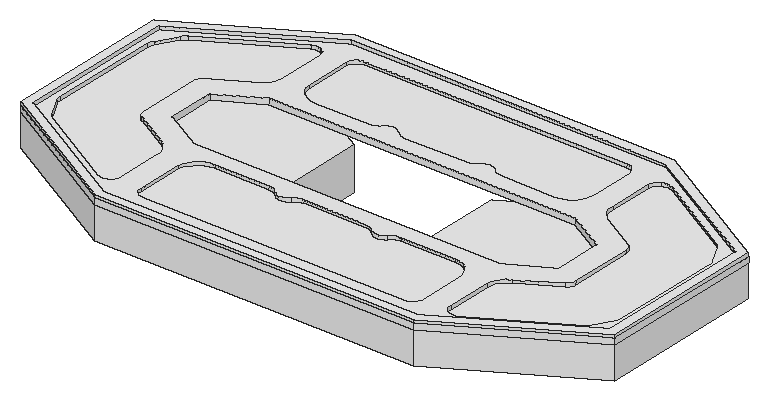
Revit family "Lighting-Industriale-GEWISS-ESALITE-HB-APPARECCHI-LED_48K_DALI", category Apparecchi per illuminazione, host Superficie, Revit 2019
Family settings
  Host = Superficie
  Quota connettore circolare = Usa diametro
  Tipo di parte = Normale
  Taglio con vuoti quando caricato = No
  Sorgente d'illuminazione = No
  Condiviso = No
  Punto di calcolo locali = Sì
Parameters (values of type "GWS6385GD57K - ESALITE 48K ELL.5700K PLAF+V.GR.DALI")
  Versioni = "Luce fredda 5700K"
  Versione file RFA = "20.11"
  VISIBILITA' SIMBOLO [instance] = yes
  VISIBILITA' LAMPADA PIANTA [instance] = not(VISIBILITA' SIMBOLO)  # no
  VISIBILITA' ETICHETTA [instance] = yes
  V = 0 V
  URL = "https://www.gewiss.com/it/it"
  Tipo alimentatore = "Driver Led Dali"
  Tensione = "220/240 V - 50/60 Hz"
  Temperatura di utilizzo = "-30 +50 °C"
  Temperatura di colore: = "5700 K (CRI>80)"
  Spostamento_y_effettivo_ET [instance] = 4000 mm - Spostamento_y_ET  # 2000 mm
  Spostamento_y_ET [instance] = 2000 mm
  Spostamento_X_effettivo_ET [instance] = 4000 mm - Spostamento_X_ET  # 3800 mm
  Spostamento_X_ET [instance] = 200 mm
  Schermo = "Vetro temprato"
  Scheda Tecnica = "https://www.gewiss.com/it/it/search?q=GWS6385GD57K"
  SEO = "High bay"
  Resistenza alle sovratensioni : = "8KV in modalità comune; 6KV in modalità differenziale"
  Resistenza agli urti = "IK08"
  Prospetto di default = 1200 mm
  Produttore = "GEWISS S.p.A."
  Potenza di sitema = "Wxxx"
  Potenza di sistema = "420W"
  Peso (kg): = "22,5"
  Ottica = "Ellittica"
  Numero poli = 1
  Modello = "GWS6385GD57K"
  Lumen output (lm) = "44500"
  Life time L90B10 (Tq 50Â°C) = "44000H"
  Life time L90B10 (Tq 25Â°C) = "100000H"
  Lampada: = "LED - Non sostituibile"
  Immagine tipo = ESALITE_HB.jpg
  IDT = "10529bc104f94094a7bc48fb9e203b41"
  IDF = "346d052c-16d4-4589-9324-89f737b4a556"
  Grado di protezione = "IP66"
  Garanzia = "5 anni"
  Flusso nominale (lm) = "63000"
  Descrizione = "ESALITE 48K ELL.5700K PLAF+V.GR.DALI"
  Creato da GEWISS S.p.A. = ""
  Corrente di pilotaggio. = "0,9A"
  Colore = "Grigio RAL 9006"
  Codice Electrocod = "2444"
  Classe isolamento = "I"
  Classe di efficienza LED integrati = "A ÷ A++"
  Catalogo Serie = "ESALITE HB - 48K"
  Catalogo = "LIGHTING"
  COBie.Tagnumber = ""
  COBie.CreatedOn = ""
  COBie.CreatebBy = ""
  COBie.ComponentRegisterItemID = ""
  COBie.Component.TagNumber = ""
  COBie.Component.Space = ""
  COBie.Component.SerialNumber = ""
  COBie.Component.InstallationDate = ""
  COBie.Component.Description = ""
  COBie.Component.BarCode = ""
  Applicazione = "Interno / Esterno"
Types (24, lengths in mm): name | Versioni | Temperatura di colore: | Schermo | Scheda Tecnica | Resistenza agli urti | Ottica | Modello | Lumen output (lm) | IDT | Grado di protezione | Flusso nominale (lm) | Descrizione | Applicazione
  GWS6082GD - ESALITE 48K 30° 4000K PLAF.GR.DALI | "Luce naturale 4000K" | "4000 K (CRI>80)" | "Plastico" | "https://www.gewiss.com/it/it/search?q=GWS6082GD" | "IK06" | "30°" | "GWS6082GD" | "47200" | "6bb3f17f77964d9aa647523a62af1778" | "IP65" | "63000" | "ESALITE 48K 30° 4000K PLAF.GR.DALI" | "Interno"
  GWS6082GD30K - ESALITE 48K 30° 3000K PLAF.GR.DALI | "Luce calda 3000K" | "3000 K (CRI>80)" | "Plastico" | "https://www.gewiss.com/it/it/search?q=GWS6082GD30K" | "IK06" | "30°" | "GWS6082GD30K" | "43900" | "f141946cd4ae4217b4a722d906401323" | "IP65" | "59000" | "ESALITE 48K 30° 3000K PLAF.GR.DALI" | "Interno"
  GWS6082GD57K - ESALITE 48K 30° 5700K PLAF.GR.DALI | "Luce fredda 5700K" | "5700 K (CRI>80)" | "Plastico" | "https://www.gewiss.com/it/it/search?q=GWS6082GD57K" | "IK06" | "30°" | "GWS6082GD57K" | "47200" | "3db944e861ee475ab3b11b02ce7559f3" | "IP65" | "63000" | "ESALITE 48K 30° 5700K PLAF.GR.DALI" | "Interno"
  GWS6083GD - ESALITE 48K 60° 4000K PLAF.GR.DALI | "Luce naturale 4000K" | "4000 K (CRI>80)" | "Plastico" | "https://www.gewiss.com/it/it/search?q=GWS6083GD" | "IK06" | "60°" | "GWS6083GD" | "48300" | "85c4fa2d022b4f7ab452f94982328747" | "IP65" | "63000" | "ESALITE 48K 60° 4000K PLAF.GR.DALI" | "Interno"
  GWS6083GD30K - ESALITE 48K 60° 3000K PLAF.GR.DALI | "Luce calda 3000K" | "3000 K (CRI>80)" | "Plastico" | "https://www.gewiss.com/it/it/search?q=GWS6083GD30K" | "IK06" | "60°" | "GWS6083GD30K" | "44900" | "16f93d13760e4e3193e5b33b1050020c" | "IP65" | "59000" | "ESALITE 48K 60° 3000K PLAF.GR.DALI" | "Interno"
  GWS6083GD57K - ESALITE 48K 60° 5700K PLAF.GR.DALI | "Luce fredda 5700K" | "5700 K (CRI>80)" | "Plastico" | "https://www.gewiss.com/it/it/search?q=GWS6083GD57K" | "IK06" | "60°" | "GWS6083GD57K" | "48300" | "a76fbe19d41c4eacba71e1b29c31b63b" | "IP65" | "63000" | "ESALITE 48K 60° 5700K PLAF.GR.DALI" | "Interno"
  GWS6084GD - ESALITE 48K 90° 4000K PLAF.GR.DALI | "Luce naturale 4000K" | "4000 K (CRI>80)" | "Plastico" | "https://www.gewiss.com/it/it/search?q=GWS6084GD" | "IK06" | "90°" | "GWS6084GD" | "51300" | "c52b1dc4688546318f21af9d9c564415" | "IP65" | "63000" | "ESALITE 48K 90° 4000K PLAF.GR.DALI" | "Interno"
  GWS6084GD30K - ESALITE 48K 90° 3000K PLAF.GR.DALI | "Luce calda 3000K" | "3000 K (CRI>80)" | "Plastico" | "https://www.gewiss.com/it/it/search?q=GWS6084GD30K" | "IK06" | "90°" | "GWS6084GD30K" | "47700" | "36a29cc495da41929b54fb6a111c8804" | "IP65" | "59000" | "ESALITE 48K 90° 3000K PLAF.GR.DALI" | "Interno"
  GWS6084GD57K - ESALITE 48K 90° 5700K PLAF.GR.DALI | "Luce fredda 5700K" | "5700 K (CRI>80)" | "Plastico" | "https://www.gewiss.com/it/it/search?q=GWS6084GD57K" | "IK06" | "90°" | "GWS6084GD57K" | "51300" | "cd5d6754b8f24c4981a0c3b19332defd" | "IP65" | "63000" | "ESALITE 48K 90° 5700K PLAF.GR.DALI" | "Interno"
  GWS6085GD - ESALITE 48K ELL.4000K PLAF.GR.DALI | "Luce naturale 4000K" | "4000 K (CRI>80)" | "Plastico" | "https://www.gewiss.com/it/it/search?q=GWS6085GD" | "IK06" | "Ellittica" | "GWS6085GD" | "48300" | "9502117e80a64a74877e79df34fabdab" | "IP65" | "63000" | "ESALITE 48K ELL.4000K PLAF.GR.DALI" | "Interno"
  GWS6085GD30K - ESALITE 48K ELL.3000K PLAF.GR.DALI | "Luce calda 3000K" | "3000 K (CRI>80)" | "Plastico" | "https://www.gewiss.com/it/it/search?q=GWS6085GD30K" | "IK06" | "Ellittica" | "GWS6085GD30K" | "44900" | "a87272ea20be4d8bb87a5090b77f8960" | "IP65" | "59000" | "ESALITE 48K ELL.3000K PLAF.GR.DALI" | "Interno"
  GWS6085GD57K - ESALITE 48K ELL.5700K PLAF.GR.DALI | "Luce fredda 5700K" | "5700 K (CRI>80)" | "Plastico" | "https://www.gewiss.com/it/it/search?q=GWS6085GD57K" | "IK06" | "Ellittica" | "GWS6085GD57K" | "48300" | "b264003a9301430fae205493789c135d" | "IP65" | "63000" | "ESALITE 48K ELL.5700K PLAF.GR.DALI" | "Interno"
  GWS6382GD - ESALITE 48K 30° 4000K PLAF+V.GR.DALI | "Luce naturale 4000K" | "4000 K (CRI>80)" | "Vetro temprato" | "https://www.gewiss.com/it/it/search?q=GWS6382GD" | "IK08" | "30°" | "GWS6382GD" | "43500" | "925280b1ffbe43c59e2fd41e2eec4363" | "IP66" | "63000" | "ESALITE 48K 30° 4000K PLAF+V.GR.DALI" | "Interno / Esterno"
  GWS6382GD30K - ESALITE 48K 30° 3000K PLAF+V.GR.DALI | "Luce calda 3000K" | "3000 K (CRI>80)" | "Vetro temprato" | "https://www.gewiss.com/it/it/search?q=GWS6382GD30K" | "IK08" | "30°" | "GWS6382GD30K" | "40400" | "1ba556d70c0743d69acbbdb7522a5b68" | "IP66" | "59000" | "ESALITE 48K 30° 3000K PLAF+V.GR.DALI" | "Interno / Esterno"
  GWS6382GD57K - ESALITE 48K 30° 5700K PLAF+V.GR.DALI | "Luce fredda 5700K" | "5700 K (CRI>80)" | "Vetro temprato" | "https://www.gewiss.com/it/it/search?q=GWS6382GD57K" | "IK08" | "30°" | "GWS6382GD57K" | "43500" | "0dbf5ac3d9604777a999b03a26ebbd2e" | "IP66" | "63000" | "ESALITE 48K 30° 5700K PLAF+V.GR.DALI" | "Interno / Esterno"
  GWS6383GD - ESALITE 48K 60° 4000K PLAF+V.GR.DALI | "Luce naturale 4000K" | "4000 K (CRI>80)" | "Vetro temprato" | "https://www.gewiss.com/it/it/search?q=GWS6383GD" | "IK08" | "60°" | "GWS6383GD" | "44500" | "a7e4afb7cf5942c0af1ed886c8168a61" | "IP66" | "63000" | "ESALITE 48K 60° 4000K PLAF+V.GR.DALI" | "Interno / Esterno"
  GWS6383GD30K - ESALITE 48K 60° 3000K PLAF+V.GR.DALI | "Luce calda 3000K" | "3000 K (CRI>80)" | "Vetro temprato" | "https://www.gewiss.com/it/it/search?q=GWS6383GD30K" | "IK08" | "60°" | "GWS6383GD30K" | "41300" | "133ad86b966640c19c95fbbc258f8228" | "IP66" | "59000" | "ESALITE 48K 60° 3000K PLAF+V.GR.DALI" | "Interno / Esterno"
  GWS6383GD57K - ESALITE 48K 60° 5700K PLAF+V.GR.DALI | "Luce fredda 5700K" | "5700 K (CRI>80)" | "Vetro temprato" | "https://www.gewiss.com/it/it/search?q=GWS6383GD57K" | "IK08" | "60°" | "GWS6383GD57K" | "44500" | "87d823f9f93f4dfabfc5c2c50364e11d" | "IP66" | "63000" | "ESALITE 48K 60° 5700K PLAF+V.GR.DALI" | "Interno / Esterno"
  GWS6384GD - ESALITE 48K 90° 4000K PLAF+V.GR.DALI | "Luce naturale 4000K" | "4000 K (CRI>80)" | "Vetro temprato" | "https://www.gewiss.com/it/it/search?q=GWS6384GD" | "IK08" | "90°" | "GWS6384GD" | "47200" | "056fd9a4da83448ca03c52ac4c7eb8b5" | "IP66" | "63000" | "ESALITE 48K 90° 4000K PLAF+V.GR.DALI" | "Interno / Esterno"
  GWS6384GD30K - ESALITE 48K 90° 3000K PLAF+V.GR.DALI | "Luce calda 3000K" | "3000 K (CRI>80)" | "Vetro temprato" | "https://www.gewiss.com/it/it/search?q=GWS6384GD30K" | "IK08" | "90°" | "GWS6384GD30K" | "43900" | "d5c4ad14675d4816937d755790362fc8" | "IP66" | "59000" | "ESALITE 48K 90° 3000K PLAF+V.GR.DALI" | "Interno / Esterno"
  GWS6384GD57K - ESALITE 48K 90° 5700K PLAF+V.GR.DALI | "Luce fredda 5700K" | "5700 K (CRI>80)" | "Vetro temprato" | "https://www.gewiss.com/it/it/search?q=GWS6384GD57K" | "IK08" | "90°" | "GWS6384GD57K" | "47200" | "ab63e0f7656f4631ab94f811ff61cd48" | "IP66" | "63000" | "ESALITE 48K 90° 5700K PLAF+V.GR.DALI" | "Interno / Esterno"
  GWS6385GD - ESALITE 48K ELL.4000K PLAF+V.GR.DALI | "Luce naturale 4000K" | "4000 K (CRI>80)" | "Vetro temprato" | "https://www.gewiss.com/it/it/search?q=GWS6385GD" | "IK08" | "Ellittica" | "GWS6385GD" | "44500" | "2c286e099a3e4c7a9cac9dd89eea9ef7" | "IP66" | "63000" | "ESALITE 48K ELL.4000K PLAF+V.GR.DALI" | "Interno / Esterno"
  GWS6385GD30K - ESALITE 48K ELL.3000K PLAF+V.GR.DALI | "Luce calda 3000K" | "3000 K (CRI>80)" | "Vetro temprato" | "https://www.gewiss.com/it/it/search?q=GWS6385GD30K" | "IK08" | "Ellittica" | "GWS6385GD30K" | "41300" | "03dd23e6f7164a21af26f59591ff4be6" | "IP66" | "59000" | "ESALITE 48K ELL.3000K PLAF+V.GR.DALI" | "Interno / Esterno"
  GWS6385GD57K - ESALITE 48K ELL.5700K PLAF+V.GR.DALI | "Luce fredda 5700K" | "5700 K (CRI>80)" | "Vetro temprato" | "https://www.gewiss.com/it/it/search?q=GWS6385GD57K" | "IK08" | "Ellittica" | "GWS6385GD57K" | "44500" | "10529bc104f94094a7bc48fb9e203b41" | "IP66" | "63000" | "ESALITE 48K ELL.5700K PLAF+V.GR.DALI" | "Interno / Esterno"
Reference planes
  plane 1 "Centro (Fronte/Retro)": y = 0
  plane 2: z = 0
  plane 3 "Centro (Sinistra/Destra)": x = 0
  plane 4: z = 123
  plane 5: x = -50.612
  plane 6: x = -3850.612
  plane 7: y = -2119.2
  plane 8: y = -119.2
  plane 9: through (-1779.2, -702.001, 1219.2) normal (0.4695, 0.8829, 0)
  plane 10: through (203.705, -1575.119, 1219.2) normal (-0.866, 0.5, 0)
Lines and regions (mm)
  symbolic lines, visible <- "VISIBILITA' LAMPADA PIANTA", not visible
    curve 1: line (647.886, 853, 0) -> (430.75, 853, 0)
    curve 2: line (430.75, 853, 0) -> (322.181, 664.955, 0)
    curve 3: line (322.181, 664.955, 0) -> (430.75, 476.909, 0)
    curve 4: line (430.75, 476.909, 0) -> (647.886, 476.909, 0)
    curve 5: line (647.886, 476.909, 0) -> (756.454, 664.955, 0)
    curve 6: line (756.454, 664.955, 0) -> (647.886, 853, 0)
    curve 7: line (438.583, 839.433, 0) -> (640.053, 839.433, 0)
    curve 8: line (640.053, 839.433, 0) -> (740.788, 664.955, 0)
    curve 9: line (740.788, 664.955, 0) -> (640.053, 490.477, 0)
    curve 10: line (640.053, 490.477, 0) -> (438.583, 490.477, 0)
    curve 11: line (438.583, 490.477, 0) -> (337.848, 664.955, 0)
    curve 12: line (337.848, 664.955, 0) -> (438.583, 839.433, 0)
    curve 13: line (460.808, 826.434, 0) -> (617.828, 826.434, 0)
    curve 14: arc (617.828, 826.434, 0) -> (624.325, 822.679, 0) -> (624.316, 815.175, 0) r 7.499
    curve 15: line (624.316, 815.175, 0) -> (586.077, 748.944, 0)
    curve 16: arc (586.077, 748.944, 0) -> (584.247, 747.114, 0) -> (581.748, 746.444, 0) r 4.999
    curve 17: line (581.748, 746.444, 0) -> (496.888, 746.444, 0)
    curve 18: arc (496.888, 746.444, 0) -> (494.388, 747.114, 0) -> (492.558, 748.944, 0) r 4.999
    curve 19: line (492.558, 748.944, 0) -> (454.307, 815.197, 0)
    curve 20: arc (454.307, 815.197, 0) -> (454.317, 822.69, 0) -> (460.808, 826.434, 0) r 7.499
    curve 21: line (360.224, 677.714, 0) -> (438.721, 813.675, 0)
    curve 22: arc (438.721, 813.675, 0) -> (445.209, 817.435, 0) -> (451.71, 813.697, 0) r 7.499
    curve 23: line (451.71, 813.697, 0) -> (489.961, 747.444, 0)
    curve 24: arc (489.961, 747.444, 0) -> (490.63, 744.944, 0) -> (489.961, 742.445, 0) r 4.999
    curve 25: line (489.961, 742.445, 0) -> (447.531, 668.954, 0)
    curve 26: arc (447.531, 668.954, 0) -> (445.701, 667.124, 0) -> (443.201, 666.454, 0) r 4.999
    curve 27: line (443.201, 666.454, 0) -> (366.712, 666.454, 0)
    curve 28: arc (366.712, 666.454, 0) -> (360.214, 670.209, 0) -> (360.224, 677.714, 0) r 7.499
    curve 29: line (438.734, 516.213, 0) -> (360.211, 652.217, 0)
    curve 30: arc (360.211, 652.217, 0) -> (360.221, 659.711, 0) -> (366.712, 663.455, 0) r 7.499
    curve 31: line (366.712, 663.455, 0) -> (443.201, 663.455, 0)
    curve 32: arc (443.201, 663.455, 0) -> (445.701, 662.785, 0) -> (447.531, 660.955, 0) r 4.999
    curve 33: line (447.531, 660.955, 0) -> (489.961, 587.464, 0)
    curve 34: arc (489.961, 587.464, 0) -> (490.63, 584.965, 0) -> (489.961, 582.465, 0) r 4.999
    curve 35: line (489.961, 582.465, 0) -> (451.71, 516.213, 0)
    curve 36: arc (451.71, 516.213, 0) -> (445.222, 512.474, 0) -> (438.734, 516.213, 0) r 7.499
    curve 37: line (496.888, 583.465, 0) -> (581.748, 583.465, 0)
    curve 38: arc (581.748, 583.465, 0) -> (584.247, 582.795, 0) -> (586.077, 580.965, 0) r 4.999
    curve 39: line (586.077, 580.965, 0) -> (624.316, 514.735, 0)
    curve 40: arc (624.316, 514.735, 0) -> (624.325, 507.23, 0) -> (617.828, 503.475, 0) r 7.499
    curve 41: line (617.828, 503.475, 0) -> (460.808, 503.475, 0)
    curve 42: arc (460.808, 503.475, 0) -> (454.317, 507.219, 0) -> (454.307, 514.713, 0) r 7.499
    curve 43: line (454.307, 514.713, 0) -> (492.558, 580.965, 0)
    curve 44: arc (492.558, 580.965, 0) -> (494.388, 582.795, 0) -> (496.888, 583.465, 0) r 4.999
    curve 45: line (588.675, 587.464, 0) -> (631.105, 660.955, 0)
    curve 46: arc (631.105, 660.955, 0) -> (632.935, 662.785, 0) -> (635.434, 663.455, 0) r 4.999
    curve 47: line (635.434, 663.455, 0) -> (711.924, 663.455, 0)
    curve 48: arc (711.924, 663.455, 0) -> (718.421, 659.7, 0) -> (718.412, 652.195, 0) r 7.499
    curve 49: line (718.412, 652.195, 0) -> (639.915, 516.234, 0)
    curve 50: arc (639.915, 516.234, 0) -> (633.427, 512.474, 0) -> (626.926, 516.213, 0) r 7.499
    curve 51: line (626.926, 516.213, 0) -> (588.675, 582.465, 0)
    curve 52: arc (588.675, 582.465, 0) -> (588.005, 584.965, 0) -> (588.675, 587.464, 0) r 4.999
    curve 53: line (631.105, 668.954, 0) -> (588.675, 742.445, 0)
    curve 54: arc (588.675, 742.445, 0) -> (588.005, 744.944, 0) -> (588.675, 747.444, 0) r 4.999
    curve 55: line (588.675, 747.444, 0) -> (626.926, 813.697, 0)
    curve 56: arc (626.926, 813.697, 0) -> (633.427, 817.435, 0) -> (639.915, 813.675, 0) r 7.499
    curve 57: line (639.915, 813.675, 0) -> (718.412, 677.714, 0)
    curve 58: arc (718.412, 677.714, 0) -> (718.421, 670.209, 0) -> (711.924, 666.454, 0) r 7.499
    curve 59: line (711.924, 666.454, 0) -> (635.434, 666.454, 0)
    curve 60: arc (635.434, 666.454, 0) -> (632.935, 667.124, 0) -> (631.105, 668.954, 0) r 4.999
  symbolic lines, visible <- "VISIBILITA' LAMPADA PIANTA"
    curve 61: line (-217.137, 0, 199.205) -> (217.137, 0, 199.205)
    curve 62: line (-217.137, 0, 152.205) -> (-217.137, 0, 199.205)
    curve 63: line (217.137, 0, 152.205) -> (-217.137, 0, 152.205)
    curve 64: line (217.137, 0, 199.205) -> (217.137, 0, 152.205)
Text (mm)
  text "B-A=C" at (-2005.323, -1167.131, 0), in view "Livello rif."
  text "D+A-C=B" at (1746.792, 582.509, 0), in view "Livello rif."
Dimensions and locks
  "Spostamento_X_effettivo_ET": plane 6 to plane 5
  plane 6 to plane 3 "Centro (Sinistra/Destra)" = 3850.612 mm
  "Spostamento_y_effettivo_ET": plane 8 to plane 7
  plane 1 "Centro (Fronte/Retro)" to plane 7 = 2119.2 mm
  angle plane 9 to plane 7 = 28.00°
  angle plane 7 to plane 6 = 90.00°
  aligned and locked: plane 2 to host face
  aligned and locked: level to host face
  aligned and locked: plane 5 to nested 1
  aligned and locked: nested 1 to plane 8
  aligned and locked: nested 5 to nested 4
  aligned and locked: nested 8 to plane 1 "Centro (Fronte/Retro)"
Automatic sketch dimensions
  host sketch curve to host sketch curve = 2438.4 mm  (x2)
  curve 64 to plane 4 = 29.205 mm
  curve 63 to curve 64 = 47 mm
  curve 61 to plane 3 "Centro (Sinistra/Destra)" = 217.137 mm
  plane 3 "Centro (Sinistra/Destra)" to curve 61 = 217.137 mm
Nested families
  nested 1: "etichetta Potenza Lampada" at (-50.612, -119.2, 0), visible <- "VISIBILITA' ETICHETTA", type "etichetta Potenza Lampada"
  nested 2: "Simbolo HB" at (-10, 0, 122.205) x (1, 0, 0) z (0, -1, 0), visible <- "VISIBILITA' SIMBOLO", type "esalight hb simb"
  nested 3: "Simbolo HB" at (0, 0, 0), visible <- "VISIBILITA' SIMBOLO", type "esalight hb simb"
  nested 4: "ESALITE HB 48K SOSPENSIONE_base" at (0, 0, 0), type "ESALITE HB 48K SOSPENSIONE_base"
  nested 5: "Laterale corta - HB 48" at (0, 265, 193.729) x (0, 0, 1) z (1, 0, 0), visible <- "VISIBILITA' LAMPADA PIANTA", type "Laterale corta - HB 48"
  nested 6: "Laterale lungo - HB 48" at (18.509, 0, 5.554) x (1, 0, 0) z (0, -1, 0), visible <- "VISIBILITA' LAMPADA PIANTA", type "Laterale lungo - HB 48"
  nested 7: "Frontale HB 48" at (0, -267.046, 0), visible <- "VISIBILITA' LAMPADA PIANTA", type "Frontale HB 48"
  nested 8: "Simbolo HB" at (0, 0, 163) x (0, 1, 0) z (1, 0, 0), visible <- "VISIBILITA' SIMBOLO", type "esalight hb simb"
Definition of nested family "ESALITE HB 48K SOSPENSIONE_base"
  Parameters (values of type "ESALITE HB 48K SOSPENSIONE_base")
    V = 0 V
    Numero poli = 1
    Agganci = none
    Corpo luce = none
  Reference planes
    plane 1 "Centro (Fronte/Retro)": y = 0
    plane 2: z = 0
    plane 3 "Centro (Sinistra/Destra)": x = 0
    plane 4: y = -22
    plane 5: y = 22
    plane 6: y = -1
    plane 7: y = 1
    plane 8: x = -1
    plane 9: x = 1
    plane 10: z = 27.205
    plane 11: z = 152.205
    plane 12: through (-500.393, 129.68, 1200) normal (-0.5, 0.866, 0)
    plane 13: through (-490.253, 119.363, 1200) normal (-0.5, 0.866, 0)
    plane 14: x = -487.5
    plane 15: x = -473.5
    plane 16: x = 487.5
    plane 17: x = 473.5
    plane 18: through (500.393, 129.68, 1200) normal (-0.5, -0.866, 0)
    plane 19: through (490.253, 119.364, 1200) normal (-0.5, -0.866, 0)
    plane 20: y = 267.477
    plane 21: y = 253.477
    plane 22: y = -267.477
    plane 23: y = -253.477
    plane 24: through (-500.393, -129.68, 1200) normal (0.5, 0.866, 0)
    plane 25: through (-490.253, -119.364, 1200) normal (0.5, 0.866, 0)
    plane 26: through (500.393, -129.68, 1200) normal (0.5, -0.866, 0)
    plane 27: through (490.253, -119.364, 1200) normal (0.5, -0.866, 0)
    plane 28: through (-414.04, -16.763, 1200) normal (-0.5, 0.866, 0)
    plane 29: through (414.04, -16.763, 1200) normal (-0.5, -0.866, 0)
    plane 30: through (-414.04, 16.763, 1200) normal (0.5, 0.866, 0)
    plane 31: through (414.04, 16.763, 1200) normal (0.5, -0.866, 0)
    plane 32: x = -317.5
    plane 33: x = 317.5
    plane 34: y = 77.477
    plane 35: y = -77.477
    plane 36: z = 125
    plane 37: z = 55
    plane 38: z = 85
    plane 39: z = 130
    plane 40: z = 147.205
    plane 41: z = 142.205
    plane 42: z = 137.205
    plane 43: x = -250.017
    plane 44: x = -276.017
    plane 45: x = -224.017
    plane 46: x = 250.017
    plane 47: x = 276.017
    plane 48: x = 224.017
  Forms (mm)
    Extrusion 1, solid, material <- "Corpo luce"
      sketch origin (0, 0, 0) x (1, 0, 0) y (0, 1, 0)
        loop
          line (-113.042, 79.147) -> (-250.017, 158.23) -> (-387.114, 79.076) -> (-387.114, -78.999) -> (-250.017, -158.152) -> (-113.042, -79.07) -> (-113.042, 79.147)
        loop
          line (113.042, 79.147) -> (113.042, -79.07) -> (250.017, -158.152) -> (387.114, -78.999) -> (387.114, 79.076) -> (250.017, 158.23) -> (113.042, 79.147)
      from 125 to 55
    Extrusion 2, solid, material <- "Agganci"
      sketch origin (-250.017, 158.23, 1200) x (0, 1, 0) y (0, 0, 1)
        loop
          arc (-180.23, -1178.589) -> (-158.23, -1200.589) -> (-136.23, -1178.589) r 22
          line (-136.23, -1178.589) -> (-136.23, -1145) -> (-180.23, -1145) -> (-180.23, -1178.589)
        loop
          circle (-158.23, -1178.589) r 20
      from -26 to 26
    Extrusion 3, solid, material <- "Corpo luce"
      sketch origin (0, 0, 0) x (1, 0, 0) y (0, 1, 0)
        loop
          line (-261.721, 267.477) -> (-487.5, 137.124) -> (-487.5, -137.124) -> (-261.721, -267.477) -> (261.721, -267.477) -> (487.5, -137.124) -> (487.5, 137.124) -> (261.721, 267.477) -> (-261.721, 267.477)
        loop
          line (-257.969, 253.477) -> (-473.5, 129.037) -> (-473.5, -129.037) -> (-257.969, -253.477) -> (257.969, -253.477) -> (473.5, -129.037) -> (473.5, 129.037) -> (257.969, 253.477) -> (-257.969, 253.477)
      from 85 to 152.205
    Extrusion 4, solid, material <- "Corpo luce"
      sketch origin (0, 0, 0) x (1, 0, 0) y (0, 1, 0)
        loop
          line (-487.5, 137.124) -> (-487.5, -137.124) -> (-261.721, -267.477) -> (261.721, -267.477) -> (487.5, -137.124) -> (487.5, 137.124) -> (261.721, 267.477) -> (-261.721, 267.477) -> (-487.5, 137.124)
        loop
          line (-317.5, 38.975) -> (-317.5, -38.975) -> (-250.811, -77.477) -> (250.811, -77.477) -> (317.5, -38.975) -> (317.5, 38.975) -> (250.811, 77.477) -> (-250.811, 77.477) -> (-317.5, 38.975)
      from 137.205 to 147.205
    Extrusion 5, void
      sketch origin (0, 0, 0) x (1, 0, 0) y (0, 1, 0)
        loop
          arc (-432.929, 138.39) -> (-437.141, 135.166) -> (-440.371, 130.958) r 20.25
          line (-440.371, 130.958) -> (-458.407, 99.279)
          arc (-458.407, 99.279) -> (-460.404, 94.464) -> (-461.091, 89.297) r 20.031
          line (-461.091, 89.297) -> (-461.091, -89.199)
          arc (-461.091, -89.199) -> (-460.41, -94.378) -> (-458.413, -99.205) r 20.029
          line (-458.413, -99.205) -> (-440.371, -130.881)
          arc (-440.371, -130.881) -> (-437.163, -135.066) -> (-432.983, -138.282) r 20.25
          line (-432.983, -138.282) -> (-295.037, -217.925)
          arc (-295.037, -217.925) -> (-286.523, -220.236) -> (-277.98, -218.035) r 17.25
          arc (-277.98, -218.035) -> (-271.28, -211.688) -> (-268.811, -202.795) r 17.25
          line (-268.811, -202.795) -> (-269.029, -129.291)
          arc (-269.029, -129.291) -> (-273.721, -111.778) -> (-286.54, -98.956) r 35.032
          line (-286.54, -98.956) -> (-346.451, -64.111)
          arc (-346.451, -64.111) -> (-351.839, -58.713) -> (-353.811, -51.345) r 14.75
          line (-353.811, -51.345) -> (-353.811, 51.423)
          arc (-353.811, 51.423) -> (-351.835, 58.798) -> (-346.436, 64.197) r 14.75
          line (-346.436, 64.197) -> (-286.388, 98.866)
          arc (-286.388, 98.866) -> (-273.52, 111.764) -> (-268.811, 129.365) r 35.25
          line (-268.811, 129.365) -> (-268.811, 202.873)
          arc (-268.811, 202.873) -> (-271.281, 211.766) -> (-277.982, 218.114) r 17.25
          arc (-277.982, 218.114) -> (-286.524, 220.313) -> (-295.037, 218.003) r 17.25
          line (-295.037, 218.003) -> (-432.929, 138.39)
        loop
          arc (-214.06, 228.289) -> (-226.233, 223.262) -> (-231.311, 211.112) r 17.251
          line (-231.311, 211.112) -> (-231.08, 134.011)
          arc (-231.08, 134.011) -> (-219.457, 111.672) -> (-195.894, 102.789) r 35.25
          line (-195.894, 102.789) -> (-106.565, 102.789)
          arc (-106.565, 102.789) -> (-98.252, 104.626) -> (-91.429, 109.716) r 20.251
          arc (-91.429, 109.716) -> (-78.061, 115.789) -> (-64.694, 109.716) r 17.75
          arc (-64.694, 109.716) -> (-57.815, 104.6) -> (-49.436, 102.789) r 20.251
          line (-49.436, 102.789) -> (54.332, 103.014)
          arc (54.332, 103.014) -> (61.047, 105.278) -> (66.571, 109.716) r 20.251
          arc (66.571, 109.716) -> (79.939, 115.789) -> (93.306, 109.716) r 17.75
          arc (93.306, 109.716) -> (100.24, 104.576) -> (108.684, 102.789) r 20.251
          line (108.684, 102.789) -> (197.773, 102.789)
          arc (197.773, 102.789) -> (222.808, 113.057) -> (233.189, 138.045) r 35.25
          line (233.189, 138.045) -> (233.189, 211.039)
          arc (233.189, 211.039) -> (228.133, 223.237) -> (215.935, 228.289) r 17.251
          line (215.935, 228.289) -> (-214.06, 228.289)
        loop
          line (-214.06, -228.289) -> (215.935, -228.289)
          arc (215.935, -228.289) -> (228.133, -223.237) -> (233.189, -211.039) r 17.251
          line (233.189, -211.039) -> (233.189, -138.045)
          arc (233.189, -138.045) -> (222.808, -113.057) -> (197.773, -102.789) r 35.25
          line (197.773, -102.789) -> (108.684, -102.789)
          arc (108.684, -102.789) -> (100.24, -104.576) -> (93.306, -109.716) r 20.251
          arc (93.306, -109.716) -> (79.939, -115.789) -> (66.571, -109.716) r 17.75
          arc (66.571, -109.716) -> (61.047, -105.278) -> (54.332, -103.014) r 20.251
          line (54.332, -103.014) -> (-49.436, -102.789)
          arc (-49.436, -102.789) -> (-57.815, -104.6) -> (-64.694, -109.716) r 20.251
          arc (-64.694, -109.716) -> (-78.061, -115.789) -> (-91.429, -109.716) r 17.75
          arc (-91.429, -109.716) -> (-98.252, -104.626) -> (-106.565, -102.789) r 20.251
          line (-106.565, -102.789) -> (-195.894, -102.789)
          arc (-195.894, -102.789) -> (-219.457, -111.672) -> (-231.08, -134.011) r 35.25
          line (-231.08, -134.011) -> (-231.311, -211.112)
          arc (-231.311, -211.112) -> (-226.233, -223.262) -> (-214.06, -228.289) r 17.251
        loop
          line (434.804, 138.39) -> (296.912, 218.003)
          arc (296.912, 218.003) -> (288.399, 220.313) -> (279.857, 218.114) r 17.25
          arc (279.857, 218.114) -> (273.156, 211.766) -> (270.686, 202.873) r 17.25
          line (270.686, 202.873) -> (270.686, 129.365)
          arc (270.686, 129.365) -> (275.395, 111.764) -> (288.263, 98.866) r 35.25
          line (288.263, 98.866) -> (348.311, 64.197)
          arc (348.311, 64.197) -> (353.71, 58.798) -> (355.686, 51.423) r 14.75
          line (355.686, 51.423) -> (355.686, -51.345)
          arc (355.686, -51.345) -> (353.714, -58.713) -> (348.326, -64.111) r 14.75
          line (348.326, -64.111) -> (288.415, -98.956)
          arc (288.415, -98.956) -> (275.596, -111.778) -> (270.904, -129.291) r 35.032
          line (270.904, -129.291) -> (270.686, -202.795)
          arc (270.686, -202.795) -> (273.155, -211.688) -> (279.855, -218.035) r 17.25
          arc (279.855, -218.035) -> (288.398, -220.236) -> (296.912, -217.925) r 17.25
          line (296.912, -217.925) -> (434.858, -138.282)
          arc (434.858, -138.282) -> (439.038, -135.066) -> (442.246, -130.881) r 20.25
          line (442.246, -130.881) -> (460.288, -99.205)
          arc (460.288, -99.205) -> (462.285, -94.378) -> (462.966, -89.199) r 20.029
          line (462.966, -89.199) -> (462.966, 89.297)
          arc (462.966, 89.297) -> (462.279, 94.464) -> (460.282, 99.279) r 20.031
          line (460.282, 99.279) -> (442.246, 130.958)
          arc (442.246, 130.958) -> (439.016, 135.166) -> (434.804, 138.39) r 20.25
      from 142.205 to 147.205
    Extrusion 6, solid, material <- "Agganci"
      sketch origin (250.017, 48.23, 1200) x (0, 1, 0) y (0, 0, -1)
        loop
          line (-70.23, 1178.589) -> (-70.23, 1145) -> (-26.23, 1145) -> (-26.23, 1178.589)
          arc (-26.23, 1178.589) -> (-48.23, 1200.589) -> (-70.23, 1178.589) r 22
        loop
          circle (-48.23, 1178.589) r 20
      from -26 to 26
  Cuts and joins
    Extrusion 5 cuts Extrusion 4
  Lines and regions (mm)
    symbolic lines
      curve 1: line (0, 188.046, 0) -> (0, 193.046, 0)
  Dimensions and locks
    Extrusion 2 to Extrusion 2 to plane 3 "Centro (Sinistra/Destra)" = 52 mm, 224.017 mm
    Extrusion 1 to plane 10 = 97.795 mm
    plane 14 to plane 3 "Centro (Sinistra/Destra)" = 487.5 mm
    plane 12 to plane 13 = 14.001 mm
    locked: plane 14 to plane 15 at 14
    locked: plane 16 to plane 17 at 14
    plane 14 to plane 16 = 975 mm
    plane 36 to plane 37 = 70 mm
    plane 41 to plane 40 = 5 mm
    aligned and locked: level to plane 2
    aligned and locked: Extrusion 1 to Extrusion 2
    aligned and locked: Extrusion 3 to plane 38
    aligned and locked: Extrusion 3 to plane 11
    aligned and locked: Extrusion 4 to Extrusion 5
    aligned and locked: Extrusion 2 to plane 44
    aligned and locked: Extrusion 2 to plane 45
    aligned and locked: Extrusion 6 to plane 48
  Connectors
    electrical at (250.057, 0.039, 55), driven by "Numero poli", driven by "V"
      settings: on Extrusion 1, index 1, voltage 0 V, apparent load 0 VA, apparent load phase1 0 VA, apparent load phase2 0 VA, apparent load phase3 0 VA, power factor 1, load classification none, number of poles 1, system type 31, power factor state 1, is connector primary yes, connector utility no, sub classification motor no, connector description ""
Definition of nested family "etichetta Potenza Lampada"
  Parameters (values of type "etichetta Potenza Lampada")
    potenza lampada = "Wxxx"
  Reference planes
    plane 1: y = 0
    plane 2: x = 0
  Text (mm)
    label "QE" at (0.073, -0.194, 0), shows "potenza lampada"
Definition of nested family "Simbolo HB"
  Reference planes
    plane 1 "Centro (Fronte/Retro)": y = 0
    plane 2: z = 0
    plane 3 "Centro (Sinistra/Destra)": x = 0
  Lines and regions (mm)
    detail lines, in view "Livello rif."
      curve 1: line (0, 152.5, 0) -> (0, -147.5, 0)
      curve 2: line (56.499, 89.193, 0) -> (172.002, 155.878, 0)
      curve 3: line (212.384, 179.193, 0) -> (165.755, 166.699, 0)
      curve 4: line (212.384, 179.193, 0) -> (178.249, 145.058, 0)
      curve 5: line (165.755, 166.699, 0) -> (178.249, 145.058, 0)
      curve 6: line (56.499, -104.193, 0) -> (172.002, -170.878, 0)
      curve 7: line (212.384, -194.193, 0) -> (165.755, -181.699, 0)
      curve 8: line (212.384, -194.193, 0) -> (178.249, -160.058, 0)
      curve 9: line (165.755, -181.699, 0) -> (178.249, -160.058, 0)
      curve 10: arc (0, 152.5, 0) -> (-150, 2.5, 0) -> (0, -147.5, 0) r 150
Definition of nested family "Laterale corta - HB 48"
  Reference planes
    plane 1 "Centro (Fronte/Retro)": y = 0
    plane 2: z = 0
    plane 3 "Centro (Sinistra/Destra)": x = 0
Definition of nested family "Laterale lungo - HB 48"
  Reference planes
    plane 1 "Centro (Fronte/Retro)": y = 0
    plane 2: z = 0
    plane 3 "Centro (Sinistra/Destra)": x = 0
Definition of nested family "Frontale HB 48"
  Reference planes
    plane 1 "Centro (Fronte/Retro)": y = 0
    plane 2: z = 0
    plane 3 "Centro (Sinistra/Destra)": x = 0
